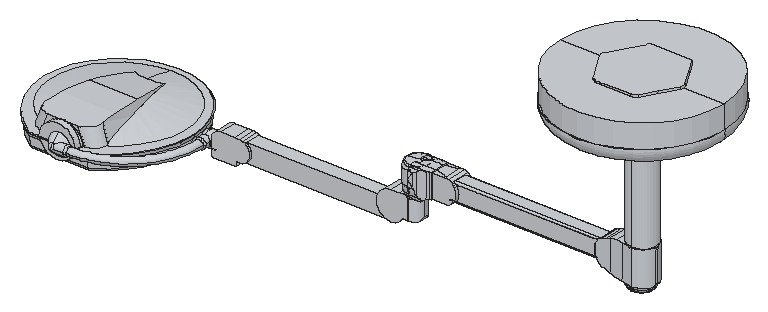
Revit family "GSeries-Single-Light_G2", category Specialty Equipment, Revit 2017
Family settings
  Round Connector Dimension = Use Diameter
  Part Type = Normal
  Work Plane-Based = No
  Always vertical = Yes
  Cut with Voids When Loaded = No
  Shared = No
  Room Calculation Point = No
Parameters
  WAGD = no
  Vacuum = no
  Tag # = "B1"
  Standard = yes
  Oxygen = no
  Nitrous Oxide = no
  Nitrogen = no
  Model = "HarmonyAIR"
  Medical Air = no
  Manufacturer = "STERIS Corporation"
  Isolated = yes
  Emergency = yes
  Description = "HarmonyAIR Single G Series Gen2-Surgical Light(s)"
  DC Power (for mounts with lightheads) = yes
  Compressed Air = no
  Ceiling Height = 120.00"
  Carbon Dioxide = no
  Assembly Code = "E1020810"
  AC Power (for mounts with monitors) = no
Reference planes (in)
  plane 1 "Center (Front/Back)": y = 0
  plane 2: z = 0
  plane 3 "Center (Left/Right)": x = 0
  plane 4 "CEILING": z = 120
Dimensions and locks (in)
  "Ceiling Height": plane 4 "CEILING" to level
Nested families (in)
  nested 1: "G Series G2 Extended Canopy" at (0, 0, 0), type "G Series G2 Extended Canopy"
  nested 2: "G2 600" at (0, 0, 119.65349) x (0, 1, 0) z (0, 0, 1), type "G2 600"
  nested 3: "G2 35 Light With Bottom Cap" at (0, 0, 96.01861) x (-1, 0, 0) z (0, 0, 1), type "G2 35 Light With Bottom Cap"
  nested 4: "G2 Lighthead" at (-35.84, 0, 90.46512), type "G2 Lighthead"
Definition of nested family "G Series G2 Extended Canopy"
  Parameters (values of type "G Series G2 Extended Canopy")
    WAGD = yes
    Vacuum = yes
    Tag # = ""
    Standard = yes
    STERIS Arm Clearance = no
    Oxygen = yes
    Nitrous Oxide = yes
    Nitrogen = yes
    Model = "HarmonyAIR"
    Medical Air = yes
    Manufacturer = "STERIS Corporation"
    Isolated = yes
    Emergency = yes
    Description = "HarmonyAIR"
    DC Power (for mounts with lightheads) = yes
    Compressed Air = yes
    Ceiling Height = 120.00"
    Carbon Dioxide = yes
    Assembly Code = "E1020810"
    Arm Clearance Radius = 0.00"
    Arm Clearance Height = 0.00"
    AC Power (for mounts with monitors) = yes
  Reference planes (in)
    plane 1 "Center (Front/Back)": y = 0
    plane 2: z = 0
    plane 3 "Center (Left/Right)": x = 0
    plane 4 "CEILING": z = 120
  Forms (in)
    Revolve 1, solid
      sketch origin (0, 0, 0) x (1, 0, 0) y (0, 0, 1)
        loop
          line (0, 120) -> (-12.87155, 120) -> (-12.87155, 116.26431) -> (-13, 116.26431)
          arc (-13, 116.26431) -> (-12.50619, 114.6362) -> (-11.0459, 113.76318) r 2.36009
          line (-11.0459, 113.76318) -> (-10.78427, 113.73816) -> (-3.00247, 113.52408)
          arc (-3.00247, 113.52408) -> (-2.97425, 113.45596) -> (-2.90613, 113.42775) r 0.09634
          line (-2.90613, 113.42775) -> (-2.49938, 113.42775)
          arc (-2.49938, 113.42775) -> (-2.46911, 113.41521) -> (-2.45657, 113.38493) r 0.04282
          line (-2.45657, 113.38493) -> (-2.45657, 113.12804)
          arc (-2.45657, 113.12804) -> (-2.43149, 113.06749) -> (-2.37093, 113.0424) r 0.08563
          line (-2.37093, 113.0424) -> (0, 113.0424) -> (0, 120)
        axis (0, 120) -> (0, 113.0424)
      angle from 0 to 360
  Dimensions and locks (in)
    "Ceiling Height": plane 4 "CEILING" to level
    aligned and locked: level to plane 2
  Automatic sketch dimensions
    Revolve 1 sketch curve to plane 4 "CEILING" = 0.00"
    Revolve 1 sketch curve to plane 3 "Center (Left/Right)" = 0.00"  (x2)
    Revolve 1 sketch curve to plane 3 "Center (Left/Right)" = 2.37093"
    Revolve 1 sketch curve to Revolve 1 sketch curve = 0.08563"
    Revolve 1 sketch curve to Revolve 1 sketch curve = 0.04282"
    Revolve 1 sketch curve to Revolve 1 sketch curve = 0.40675"
    Revolve 1 sketch curve to Revolve 1 sketch curve = 0.09634"
    Revolve 1 sketch curve to plane 4 "CEILING" = 3.91079"
    Revolve 1 sketch curve to Revolve 1 sketch curve = 7.64394"
    Revolve 1 sketch curve to Revolve 1 sketch curve = 0.13786"
    Revolve 1 sketch curve to Revolve 1 sketch curve = 0.26163"
    Revolve 1 sketch curve to Revolve 1 sketch curve = 2.22514"
    Revolve 1 sketch curve to Revolve 1 sketch curve = 0.12845"
    Revolve 1 sketch curve to Revolve 1 sketch curve = 2.32603"
    Revolve 1 sketch curve to Revolve 1 sketch curve = 0.02501"
    Revolve 1 sketch curve to plane 4 "CEILING" = 6.47592"
    Revolve 1 sketch curve to Revolve 1 sketch curve = 0.2569"
    Revolve 1 sketch curve to level = 24.00"
    Revolve 1 sketch curve to Revolve 1 sketch curve = 23.02561"
Definition of nested family "G2 600"
  Parameters (values of type "G2 600")
    Tag # = ""
    Model = ""
    Manufacturer = ""
    Description = ""
    Assembly Code = ""
  Reference planes (in)
    plane 1 "Center (Front/Back)": y = 0
    plane 2: z = 0
    plane 3 "Center (Left/Right)": x = 0
    plane 4 "CEILING": z = 120
  Forms (in)
    Revolve 1, solid
      sketch origin (0, 0, 0) x (1, 0, 0) y (0, 0, 1)
        loop
          line (0, 0) -> (-2.16919, 0) -> (-2.16919, -23.51661)
          arc (-2.16919, -23.51661) -> (-2.13812, -23.5916) -> (-2.06313, -23.62266) r 0.10605
          line (-2.06313, -23.62266) -> (0, -23.62266) -> (0, 0)
        axis (0, 0) -> (0, -23.62266)
      angle from 0 to 360
    Extrusion 2, solid
      sketch origin (0.00352, 0, 0) x (1, 0, 0) y (0, 1, 0)
        loop
          arc (0.47815, 6.31948) -> (0.00139, 6.44808) -> (-0.47566, 6.32059) r 0.95214
          line (-0.47566, 6.32059) -> (-3.32501, 4.67608) -> (-5.2381, 3.58259)
          arc (-5.2381, 3.58259) -> (-5.5881, 3.23486) -> (-5.71631, 2.75844) r 0.94929
          line (-5.71631, 2.75844) -> (-5.71631, -2.74225)
          arc (-5.71631, -2.74225) -> (-5.58877, -3.21867) -> (-5.24027, -3.56766) r 0.95363
          line (-5.24027, -3.56766) -> (-3.07069, -4.82299) -> (-0.47567, -6.3243)
          arc (-0.47567, -6.3243) -> (0.00024, -6.45237) -> (0.47615, -6.3243) r 0.9483
          line (0.47615, -6.3243) -> (3.06366, -4.82299) -> (5.23324, -3.56766)
          arc (5.23324, -3.56766) -> (5.58174, -3.21867) -> (5.70928, -2.74225) r 0.95363
          line (5.70928, -2.74225) -> (5.70928, 2.75844)
          arc (5.70928, 2.75844) -> (5.58106, 3.23486) -> (5.23106, 3.58259) r 0.94929
          line (5.23106, 3.58259) -> (3.31798, 4.67608) -> (0.47815, 6.31948)
      from 0 to 0.5904
  Dimensions and locks (in)
    plane 4 "CEILING" to level = 120.00"
    aligned and locked: level to plane 2
Definition of nested family "G2 35 Light With Bottom Cap"
  Parameters (values of type "G2 35 Light With Bottom Cap")
    Tag # = ""
    Model = ""
    Manufacturer = ""
    Description = ""
    Assembly Code = ""
  Reference planes (in)
    plane 1 "Center (Front/Back)": y = 0
    plane 2: z = 0
    plane 3 "Center (Left/Right)": x = 0
    plane 4 "CEILING": z = 120
    plane 5 "void": z = -5.37092
    plane 6 "front void 3": z = -0.76037
    plane 7 "front void 4": x = 31.95183
  Forms (in)
    Extrusion 1, solid
      sketch origin (0, 4.88122, 0.40597) x (0, 1, 0) y (0, 0, 1)
        loop
          line (-3.92622, -1.56166) -> (-5.83622, -1.56166)
          arc (-5.83622, -1.56166) -> (-6.01299, -1.63488) -> (-6.08622, -1.81166) r 0.25
          line (-6.08622, -1.81166) -> (-6.08622, -4.27492)
          arc (-6.08622, -4.27492) -> (-6.01299, -4.4517) -> (-5.83622, -4.52492) r 0.25
          line (-5.83622, -4.52492) -> (-3.92622, -4.52492)
          arc (-3.92622, -4.52492) -> (-3.74944, -4.4517) -> (-3.67622, -4.27492) r 0.25
          line (-3.67622, -4.27492) -> (-3.67622, -1.81166)
          arc (-3.67622, -1.81166) -> (-3.74944, -1.63488) -> (-3.92622, -1.56166) r 0.25
      from 4.75395 to 29.52599
    Extrusion 2, solid
      sketch origin (0, 0, 0) x (1, 0, 0) y (0, 0, 1)
        loop
          line (-2.19374, -0.19448) -> (-2.19374, -5.17644)
          arc (-2.19374, -5.17644) -> (-2.13678, -5.31396) -> (-1.99926, -5.37092) r 0.19448
          line (-1.99926, -5.37092) -> (2.69909, -5.37092)
          arc (2.69909, -5.37092) -> (3.33509, -5.29534) -> (3.93567, -5.07282) r 2.71387
          arc (3.93567, -5.07282) -> (4.3306, -4.876) -> (4.74554, -4.72585) r 3.83493
          line (4.74554, -4.72585) -> (5.13531, -4.6368)
          arc (5.13531, -4.6368) -> (5.56508, -4.47817) -> (5.90185, -4.1676) r 1.17804
          arc (5.90185, -4.1676) -> (6.38468, -2.6862) -> (5.90185, -1.20481) r 2.51399
          arc (5.90185, -1.20481) -> (5.6952, -0.97436) -> (5.42683, -0.82014) r 0.97669
          line (5.42683, -0.82014) -> (5.13487, -0.73522) -> (4.74857, -0.64603)
          arc (4.74857, -0.64603) -> (4.36903, -0.50577) -> (4.00449, -0.33019) r 4.26762
          arc (4.00449, -0.33019) -> (3.37346, -0.08383) -> (2.70125, 0) r 2.73701
          line (2.70125, 0) -> (-1.99925, 0)
          arc (-1.99925, 0) -> (-2.13678, -0.05696) -> (-2.19374, -0.19448) r 0.19448
      from -2.20223 to 2.20223
    Extrusion 3, void
      sketch origin (0, 0, 0) x (1, 0, 0) y (0, 1, 0)
        loop
          line (0, 2.20223) -> (0, 2.70223) -> (-2.5, 2.70223) -> (-2.5, 0) -> (-2.20223, 0)
          arc (-2.20223, 0) -> (-1.55721, 1.55721) -> (0, 2.20223) r 2.20223
      from -8.34122 to 12
    Extrusion 4, void
      sketch origin (0, 0, 0) x (1, 0, 0) y (0, 1, 0)
        loop
          arc (0, -2.20223) -> (-1.55721, -1.55721) -> (-2.20223, 0) r 2.20223
          line (-2.20223, 0) -> (-2.5, 0) -> (-2.5, -2.70223) -> (0, -2.70223) -> (0, -2.20223)
      from -8.34122 to 12
    Extrusion 5, void
      sketch origin (0, 0, -5.37092) x (-1, 0, 0) y (0, -1, 0)
        loop
          arc (0, -2.20223) -> (-0.8815, -2.06487) -> (-1.74658, -1.84679) r 9.66293
          arc (-1.74658, -1.84679) -> (-2.79998, -1.67373) -> (-3.86443, -1.59297) r 12.25761
          arc (-3.86443, -1.59297) -> (-5.03108, -1.55775) -> (-6.19818, -1.54378) r 64.08893
          arc (-6.19818, -1.54378) -> (-6.33609, -1.48654) -> (-6.39294, -1.34902) r 0.19476
          line (-6.39294, -1.34902) -> (-6.39294, -1.20496) -> (-7.05626, -1.20496) -> (-7.05626, -2.70496) -> (0, -2.70496) -> (0, -2.20223)
      from 0 to 12
    Extrusion 6, void
      sketch origin (0, 0, -5.37092) x (-1, 0, 0) y (0, -1, 0)
        loop
          line (0, 2.20223) -> (0, 2.70496) -> (-7.05626, 2.70496) -> (-7.05626, 1.20496) -> (-6.39294, 1.20496) -> (-6.39294, 1.34902)
          arc (-6.39294, 1.34902) -> (-6.33609, 1.48654) -> (-6.19818, 1.54378) r 0.19476
          arc (-6.19818, 1.54378) -> (-5.03108, 1.55775) -> (-3.86443, 1.59297) r 64.08893
          arc (-3.86443, 1.59297) -> (-2.79998, 1.67373) -> (-1.74658, 1.84679) r 12.25761
          arc (-1.74658, 1.84679) -> (-0.8815, 2.06487) -> (0, 2.20223) r 9.66293
      from 0 to 12
    Revolve 7, solid
      sketch origin (5.75, 0, 0) x (1, 0, 0) y (0, 0, 1)
        loop
          arc (31.42586, -1.00953) -> (31.33936, -0.91742) -> (31.21932, -0.87797) r 0.25571
          arc (31.21932, -0.87797) -> (30.37639, -0.80056) -> (29.53073, -0.7632) r 17.8497
          line (29.53073, -0.7632) -> (29.53073, -5.55349) -> (31.16892, -5.55349)
          arc (31.16892, -5.55349) -> (31.24893, -5.52749) -> (31.29597, -5.45775) r 0.1292
          line (31.29597, -5.45775) -> (31.42411, -4.97951)
          arc (31.42411, -4.97951) -> (31.5532, -4.42145) -> (31.60762, -3.85125) r 4.33727
          arc (31.60762, -3.85125) -> (31.65493, -2.68267) -> (31.60762, -1.51409) r 14.45651
          line (31.60762, -1.51409) -> (31.42586, -1.00953)
        axis (29.53073, -0.7632) -> (29.53073, -5.55349)
      angle from 0 to 360
    Extrusion 8, solid
      sketch origin (5.75, 0, 0) x (1, 0, 0) y (0, 0, 1)
        loop
          arc (23.05122, -1.20345) -> (22.34603, -2.69853) -> (23.10297, -4.16808) r 1.86858
          arc (23.10297, -4.16808) -> (23.40725, -4.37429) -> (23.75857, -4.48235) r 1.24128
          line (23.75857, -4.48235) -> (24.15374, -4.53185) -> (26.20183, -4.56944) -> (26.20183, -0.80039) -> (24.15414, -0.8277) -> (23.55907, -0.92195)
          arc (23.55907, -0.92195) -> (23.28881, -1.03322) -> (23.05122, -1.20345) r 1.26724
      from 1.5956 to -1.59582
    Extrusion 9, solid
      sketch origin (5.74762, 0, -0.76037) x (-1, 0, 0) y (0, -1, 0)
        loop
          line (-29.52599, 2.12582) -> (-29.52599, -2.12583)
          arc (-29.52599, -2.12583) -> (-29.26775, -2.11798) -> (-29.01024, -2.0969) r 5.03227
          arc (-29.01024, -2.0969) -> (-28.61559, -2.04413) -> (-28.22414, -1.97127) r 7.79494
          arc (-28.22414, -1.97127) -> (-27.60261, -1.83533) -> (-26.97956, -1.70658) r 55.13106
          arc (-26.97956, -1.70658) -> (-26.80172, -1.67318) -> (-26.6231, -1.6442) r 7.30147
          arc (-26.6231, -1.6442) -> (-26.41288, -1.61642) -> (-26.20183, -1.59582) r 6.21705
          line (-26.20183, -1.59582) -> (-26.20183, 1.5956)
          arc (-26.20183, 1.5956) -> (-26.59233, 1.63852) -> (-26.97925, 1.70651) r 6.09334
          arc (-26.97925, 1.70651) -> (-27.60246, 1.83529) -> (-28.22414, 1.97126) r 55.10449
          arc (-28.22414, 1.97126) -> (-28.61559, 2.04412) -> (-29.01024, 2.09689) r 7.79563
          arc (-29.01024, 2.09689) -> (-29.26775, 2.11798) -> (-29.52599, 2.12582) r 5.0318
      from -0.04005 to -4.7114
    Extrusion 10, void
      sketch origin (31.95183, 0, 0) x (0, 0, 1) y (0, -1, 0)
        loop
          line (-1.51409, 2.07688) -> (-1.00953, 1.89512)
          arc (-1.00953, 1.89512) -> (-0.91761, 1.81048) -> (-0.87818, 1.69191) r 0.24978
          arc (-0.87818, 1.69191) -> (-0.79942, 0.84739) -> (-0.76262, 0) r 17.10563
          line (-0.76262, 0) -> (-0.76262, 2.31422) -> (-5.37092, 2.31422) -> (-5.60382, 2.12426) -> (-5.47178, 1.76148) -> (-4.97951, 1.89338)
          arc (-4.97951, 1.89338) -> (-4.42144, 2.02237) -> (-3.85125, 2.07688) r 4.34792
          arc (-3.85125, 2.07688) -> (-2.68267, 2.12587) -> (-1.51409, 2.07688) r 13.96378
      from -3.82865 to 12
    Extrusion 11, void
      sketch origin (31.95183, 0, 0) x (0, 0, 1) y (0, -1, 0)
        loop
          arc (-1.51409, -2.07688) -> (-2.68267, -2.12587) -> (-3.85125, -2.07688) r 13.96378
          arc (-3.85125, -2.07688) -> (-4.42144, -2.02237) -> (-4.97951, -1.89338) r 4.34792
          line (-4.97951, -1.89338) -> (-5.47178, -1.76148) -> (-5.60382, -2.12426) -> (-5.37092, -2.31422) -> (-0.76262, -2.31422) -> (-0.76262, 0)
          arc (-0.76262, 0) -> (-0.79942, -0.84739) -> (-0.87818, -1.69191) r 17.10563
          arc (-0.87818, -1.69191) -> (-0.91761, -1.81048) -> (-1.00953, -1.89512) r 0.24978
          line (-1.00953, -1.89512) -> (-1.51409, -2.07688)
      from -4.12048 to 12
    Extrusion 12, void
      sketch origin (0, 0, 0) x (1, 0, 0) y (0, 0, 1)
        loop
          line (31.94945, -4.60842) -> (31.9156, -5.51002) -> (33.5167, -5.51002)
          arc (33.5167, -5.51002) -> (33.34186, -5.22776) -> (33.11029, -4.98983) r 1.53124
          arc (33.11029, -4.98983) -> (32.79548, -4.81962) -> (32.45798, -4.7006) r 2.28736
          arc (32.45798, -4.7006) -> (32.20559, -4.64415) -> (31.94945, -4.60842) r 3.17728
      from -2.97497 to 4.58197
    Revolve 13, solid
      sketch origin (0.01958, -0.33697, 0.0006) x (1, 0, 0) y (0, 0, 1)
        loop
          line (-1.80634, -5.37092) -> (-1.60183, -6.05346)
          arc (-1.60183, -6.05346) -> (-1.54419, -6.19978) -> (-1.46437, -6.33529) r 1.00223
          line (-1.46437, -6.33529) -> (-1.36992, -6.47017)
          arc (-1.36992, -6.47017) -> (-1.30981, -6.52151) -> (-1.23294, -6.53997) r 0.16932
          line (-1.23294, -6.53997) -> (0.44, -6.53997) -> (0.44, -5.37092) -> (-1.80634, -5.37092)
        axis (0.44, -6.53997) -> (0.44, -5.37092)
      angle from 0 to 360
  Cuts and joins
    Extrusion 5, Extrusion 6 cuts Extrusion 1
    Extrusion 3, Extrusion 4, Extrusion 5, Extrusion 6 cuts Extrusion 2
    Extrusion 10, Extrusion 11, Extrusion 12 cuts Extrusion 9
    Extrusion 10, Extrusion 11 cuts Revolve 7
    Extrusion 10, Extrusion 11 cuts Extrusion 8
  Dimensions and locks (in)
    plane 4 "CEILING" to level = 120.00"
    aligned and locked: level to plane 2
Definition of nested family "G2 Lighthead"
  Parameters (values of type "G2 Lighthead")
    Tag # = ""
    Model = ""
    Manufacturer = ""
    Description = ""
    Assembly Code = ""
  Reference planes (in)
    plane 1 "Center (Front/Back)": y = 0
    plane 2: z = 0
    plane 3 "Center (Left/Right)": x = 0
    plane 4 "CEILING": z = 120
    plane 5 "light": y = 0.98519
    plane 6 "cone": x = -40.63328
    plane 7 "light 2": y = -6.65871
    plane 8 "couple": y = -11.78918
    plane 9 "couple upper 1": x = -28.21156
    plane 10 "tube start": y = -2.1054
    plane 11 "tube path plane": through (-28.21156, -180, -18.45505) normal (0.5, 0, -0.866)
  Forms (in)
    Extrusion 1, solid
      sketch origin (0, 0, 0) x (1, 0, 0) y (0, 0, 1)
        loop
          line (1.22953, 0) -> (-1.22236, 0) -> (-1.30305, -0.04848) -> (-2.71238, -0.04848)
          arc (-2.71238, -0.04848) -> (-4.58, -3.37387) -> (-0.76676, -3.44746) r 2.22225
          line (-0.76676, -3.44746) -> (-0.67485, -3.43125) -> (1.26016, -3.43125) -> (1.49925, -3.0768) -> (1.49925, -0.40213) -> (1.37929, -0.12566) -> (1.22953, 0)
      from -1.51685 to 1.49579
    Extrusion 2, solid
      sketch origin (0.65549, 0, -0.21119) x (1, 0, 0) y (0, 0, 1)
        loop
          line (-4.2494, -0.72566) -> (-4.84519, -1.15853) -> (-5.65657, -1.34585) -> (-26.52544, -1.34585)
          arc (-26.52544, -1.34585) -> (-25.55371, -2.7714) -> (-26.43608, -4.25393) r 1.60459
          line (-26.43608, -4.25393) -> (-3.65237, -4.25393)
          arc (-3.65237, -4.25393) -> (-4.84247, -2.64066) -> (-4.2494, -0.72566) r 2.22225
      from -1.13278 to 1.1669
    Extrusion 3, void
      sketch origin (0, 0, 0) x (1, 0, 0) y (0, 1, 0)
        loop
          arc (-0.03601, 1.51685) -> (1.04299, 1.08566) -> (1.49922, 0.01701) r 1.51502
          line (1.49922, 0.01701) -> (1.86823, 0.01701) -> (1.86823, 1.81734) -> (-0.03601, 1.81734) -> (-0.03601, 1.51685)
      from -4.56732 to 2.01977
    Extrusion 4, void
      sketch origin (0, 0, 0) x (1, 0, 0) y (0, 1, 0)
        loop
          arc (1.49918, 0) -> (1.05514, -1.05102) -> (0, -1.48518) r 1.49925
          line (0, -1.48518) -> (0, -2.11009) -> (2.34652, -2.11009) -> (2.34652, 0) -> (1.49918, 0)
      from -4.25031 to 12
    Extrusion 5, solid
      sketch origin (1.42817, -2.34095, -1.83191) x (-0.500001, 0, -0.866025) y (0.866025, 0, -0.500001)
        loop
          line (13.54782, -24.39216) -> (13.94833, -25.09387) -> (15.05055, -27.00296)
          arc (15.05055, -27.00296) -> (15.93622, -27.68256) -> (17.04303, -27.53685) r 1.4586
          line (17.04303, -27.53685) -> (19.05177, -26.37709) -> (19.08796, -25.96347) -> (17.42688, -23.08639) -> (17.04436, -22.89729) -> (16.5842, -23.17378) -> (16.51466, -23.07446) -> (16.34396, -22.77881) -> (16.04307, -22.40725)
          arc (16.04307, -22.40725) -> (14.15974, -22.22396) -> (13.37682, -23.94663) r 1.62692
          line (13.37682, -23.94663) -> (13.54782, -24.39216)
      from -3.75535 to -0.91603
  Cuts and joins
    Extrusion 3, Extrusion 4 cuts Extrusion 1
  Dimensions and locks (in)
    plane 4 "CEILING" to level = 120.00"
    aligned and locked: level to plane 2
  Nested families (in)
    nested 1: "Harmony LC Yoke" at (-28.77996, 0, -3.72663) x (0, 1, 0) z (0, 0, 1), type "Harmony LC Yoke"
    nested 2: "Harmony Led Head" at (-46.06261, -12.67791, -3.67094) x (0, 1, 0) z (0, 0, 1), type "Harmony Led Head"
  Definition of nested family "Harmony LC Yoke"
    Reference planes (in)
      plane 1: y = 0
      plane 2: z = 0
      plane 3: x = 0
      plane 4: y = 0
      plane 5: y = -17.06023
      plane 6: z = 0
    Forms (in)
      Extrusion 1, solid
        sketch origin (-1.18318, 0, -4.7246) x (-1, 0, 0) y (0, 0, -1)
          loop
            circle (-1.18318, -4.7246) r 1.1875
        from 0 to 2.45312
      Revolve 2, solid
        sketch origin (-178.4916, -2.45312, 0) x (0, 1, 0) y (-1, 0, 0)
          loop
            line (0, -178.4916) -> (-1.82648, -178.4916) -> (-1.82648, -178.9291)
            arc (-1.82648, -178.9291) -> (-1.60681, -179.45943) -> (-1.07648, -179.6791) r 0.75
            line (-1.07648, -179.6791) -> (0, -179.6791) -> (0, -178.4916)
          axis (0, -178.4916) -> (-1.82648, -178.4916)
        angle from 0 to 360
      Revolve 3, solid
        sketch origin (-178.4916, -2.45312, 0) x (0, 1, 0) y (-1, 0, 0)
          loop
            line (-1.03759, -176.32242) -> (-1.65868, -176.32242) -> (-1.82648, -176.62514) -> (-1.82648, -178.4916) -> (-1.03759, -178.4916) -> (-1.03759, -176.32242)
          axis (-1.03759, -176.32242) -> (-1.03759, -178.4916)
        angle from 0 to 360
      Sweep 4, solid
        path origin (-0.96807, 128.78692, 0) x (1, 0, 0) y (0, 1, 0)
          loop
            arc (-12.60095, -143.67748) -> (-9.26202, -135.61657) -> (-1.20111, -132.27763) r 11.39985
        profile origin (-10.23009, -6.82965, 0) x (-0.707107, 0.707107, 0) y (0, 0, 1)
          loop
            circle (0, 0) r 0.59057
      Revolve 5, solid
        sketch origin (-0.96807, 128.78692, 0) x (1, 0, 0) y (0, 1, 0)
          loop
            line (-13.39156, -145.84715) -> (-12.60281, -145.84715) -> (-12.60281, -143.67787) -> (-13.22281, -143.67787)
            arc (-13.22281, -143.67787) -> (-13.34653, -143.80739) -> (-13.39156, -143.98075) r 0.35618
            line (-13.39156, -143.98075) -> (-13.39156, -145.84715)
          axis (-12.60281, -145.84715) -> (-12.60281, -143.67787)
        angle from 0 to 360
      Revolve 6, solid
        sketch origin (-179.08677, -17.06023, 15.35906) x (0, 0, 1) y (-1, 0, 0)
          loop
            line (-15.35906, -166.50188) -> (-15.35906, -164.72713)
            arc (-15.35906, -164.72713) -> (-15.68518, -164.79771) -> (-15.95294, -164.99681) r 0.78875
            line (-15.95294, -164.99681) -> (-17.26842, -166.50188) -> (-15.35906, -166.50188)
          axis (-15.35906, -166.50188) -> (-15.35906, -164.72713)
        angle from 0 to 360
      Blend 7, solid
        base sketch origin (-11.69697, -17.06023, 0) x (0, 0, -1) y (0, -1, 0)
          loop
            arc (0, -2.84375) -> (2.30077, 0) -> (0, 2.84375) r 2.90782
            arc (0, 2.84375) -> (-2.84375, 0) -> (0, -2.84375) r 2.84375
        top sketch origin (-11.69697, -17.06023, 0) x (0, 0, -1) y (0, -1, 0)
          loop
            circle (0, 0) r 1.90935
        from 0 to 0.88792
    Cuts and joins
      joined: Revolve 2, Revolve 3
  Definition of nested family "Harmony Led Head"
    Reference planes (in)
      plane 1: y = 0
      plane 2: z = 0
      plane 3: x = 0
      plane 4: x = 11.9203
    Forms (in)
      Extrusion 1, solid
        sketch origin (0.93778, 0.03829, -0.05569) x (0, -1, 0) y (0, 0, 1)
          loop
            arc (-2.84375, 0) -> (0, -2.30077) -> (2.84375, 0) r 2.90782
            arc (2.84375, 0) -> (0, 2.84375) -> (-2.84375, 0) r 2.84375
        from 0 to 1.08195
      Revolve 2, solid
        sketch origin (11.92021, 0.03829, -0.05569) x (0, -1, 0) y (0, 0, -1)
          loop
            line (0.05966, 2.28492) -> (0.05966, 6.63593) -> (-0.51553, 6.63593) -> (-0.64296, 5.89315) -> (-0.69984, 2.81244) -> (-0.85055, 2.66501) -> (-1.46463, 2.66501) -> (-1.7758, 2.28492) -> (0.05966, 2.28492)
          axis (0.05966, 2.28492) -> (0.05966, 6.63593)
        angle from 0 to 360
      Blend 3, solid
        base sketch origin (-167.3898, -10.48446, 0.19936) x (-1, 0, 0) y (0, -1, 0)
          loop
            arc (-170.47685, -5.13397) -> (-178.69808, -6.30245) -> (-186.73494, -8.39116) r 73.47139
            arc (-186.73494, -8.39116) -> (-187.82953, -9.19014) -> (-188.23105, -10.48448) r 2.1558
            arc (-188.23105, -10.48448) -> (-187.82953, -11.77881) -> (-186.73494, -12.57779) r 2.1558
            arc (-186.73494, -12.57779) -> (-178.69808, -14.6665) -> (-170.47685, -15.83498) r 73.47139
            arc (-170.47685, -15.83498) -> (-168.96952, -15.32) -> (-168.32895, -13.8616) r 1.98047
            line (-168.32895, -13.8616) -> (-168.32895, -7.10735)
            arc (-168.32895, -7.10735) -> (-168.96952, -5.64895) -> (-170.47685, -5.13397) r 1.98047
        top sketch origin (-167.3898, -10.48446, 0.19936) x (-1, 0, 0) y (0, -1, 0)
          loop
            line (-168.32895, -12.62394) -> (-168.32895, -8.34501)
            arc (-168.32895, -8.34501) -> (-168.98106, -6.77712) -> (-170.55271, -6.13411) r 2.21094
            arc (-170.55271, -6.13411) -> (-178.62594, -6.82324) -> (-186.48881, -8.77959) r 51.10852
            arc (-186.48881, -8.77959) -> (-187.54035, -9.4419) -> (-188.21669, -10.48448) r 2.89097
            arc (-188.21669, -10.48448) -> (-187.54035, -11.52705) -> (-186.48881, -12.18936) r 2.89097
            arc (-186.48881, -12.18936) -> (-178.62594, -14.14571) -> (-170.55271, -14.83484) r 51.10852
            arc (-170.55271, -14.83484) -> (-168.98106, -14.19184) -> (-168.32895, -12.62394) r 2.21094
        from 0 to 3.05064
      Extrusion 4, void
        sketch origin (12.6102, 5.23433, -94.78029) x (1, 0, 0) y (0, 0, 1)
          loop
            arc (-1.64465, 97.39935) -> (3.44464, 96.47772) -> (8.395, 94.97965) r 45.11474
            line (8.395, 94.97965) -> (8.395, 99.19568) -> (-12.26813, 99.19568) -> (-11.67118, 97.55557)
            arc (-11.67118, 97.55557) -> (-6.65376, 97.74397) -> (-1.64465, 97.39935) r 47.29197
        from -2.1192 to 12
      Revolve 5, solid
        sketch origin (22.41838, 0, -4.78029) x (1, 0, 0) y (0, 0, 1)
          loop
            arc (0.00315, 4.97965) -> (-5.18049, 6.15809) -> (-10.47935, 6.58355) r 37.09725
            line (-10.47935, 6.58355) -> (-10.47935, 4.97965) -> (0.00315, 4.97965)
          axis (-10.47935, 4.97965) -> (-10.47935, 6.58355)
        angle from 0 to 360
      Sweep 6, solid
        path origin (-167.3898, 11.14532, -2.51125) x (0, 1, 0) y (-1, 0, 0)
          loop
            line (-6.73276, -167.88327) -> (-15.55842, -167.88327)
            arc (-15.55842, -167.88327) -> (-20.37151, -172.75336) -> (-22.29017, -179.32621) r 13.96114
            arc (-22.29017, -179.32621) -> (-11.14559, -190.47078) -> (-0.00102, -179.32621) r 11.14458
            arc (-0.00102, -179.32621) -> (-1.91967, -172.75336) -> (-6.73276, -167.88327) r 13.96114
        profile origin (0.49347, -0.00027, -2.51125) x (1, 0, 0) y (0, 0, 1)
          loop
            line (0, 0) -> (0, 2.51125) -> (-0.62169, 2.51125) -> (-0.68081, 2.37802) -> (-0.47063, 1.86565) -> (-0.39661, 1.82314) -> (-0.30418, 0.35371) -> (0, 0)
      Extrusion 7, solid
        sketch origin (-167.3898, 11.14532, -2.51125) x (0, 1, 0) y (-1, 0, 0)
          loop
            arc (-22.29017, -179.32621) -> (-11.14559, -190.47078) -> (-0.00102, -179.32621) r 11.14458
            arc (-0.00102, -179.32621) -> (-1.91967, -172.75336) -> (-6.73276, -167.88327) r 13.96114
            line (-6.73276, -167.88327) -> (-15.55842, -167.88327)
            arc (-15.55842, -167.88327) -> (-20.37151, -172.75336) -> (-22.29017, -179.32621) r 13.96114
        from 0 to 2.51125
      Revolve 8, void
        sketch origin (22.41838, 0, -4.78029) x (1, 0, 0) y (0, 0, 1)
          loop
            line (-10.47938, 2.43967) -> (-20.59645, 2.43967) -> (-20.6493, 2.23502) -> (-10.47938, 2.23502) -> (-10.47938, 2.43967)
          axis (-10.47938, 2.43967) -> (-10.47938, 2.23502)
        angle from 0 to 360
    Cuts and joins
      Extrusion 4 cuts Blend 3
      joined: Blend 3, Revolve 5
      Revolve 8 cuts Extrusion 7
      joined: Sweep 6, Extrusion 7
